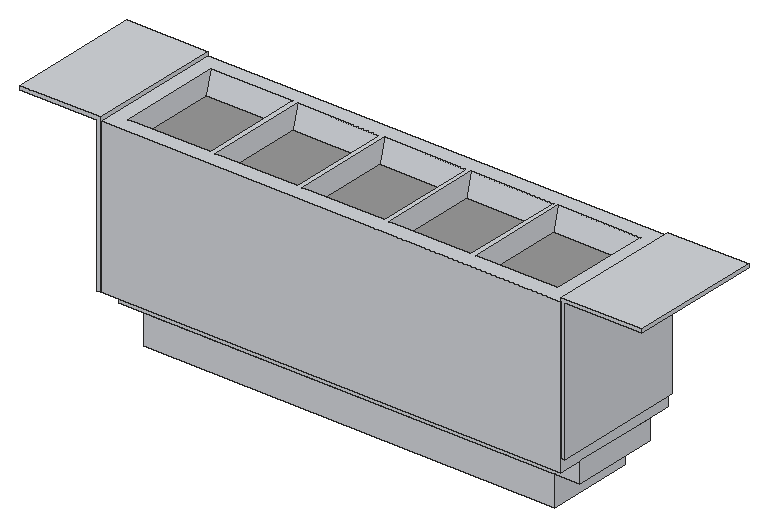
Revit family "2061148 Sylvania Lighting Fixture DOMINO 5xLED 930 BLACK MB TRIMLESS WHITE", category Lighting Fixtures, host Face, Revit 2018
Family settings
  Host = Face
  Round Connector Dimension = Use Diameter
  Part Type = Normal
  OmniClass Number = 23.80.70.00
  OmniClass Title = Lighting
  Cut with Voids When Loaded = No
  Light Source = Yes
  Shared = No
  Room Calculation Point = No
Parameters (values of type "2061148 DOMINO 5XLED 930 BLACK MB TS WHT ")
  top top width = 15.812 mm
  top top length = 123 mm
  Width = 50 mm
  Weight = "n/a"
  Wattage Comments = ""
  Wattage = 9.2903 W
  WarrantyStartDate [instance] = "n/a"
  WarrantyGuarantorParts = "n/a"
  WarrantyDurationUnit = "n/a"
  WarrantyDurationParts = ""
  WarrantyDescription = "http://www.sylvania-lighting.com"
  built-in parameter 1150110 = 1 (stored number, unit not read)
  Voltage = 0 V
  URL = "0.6"
  TypeName = "DOMINO 5xLED 930 BLACK MB TRIMLESS WHITE"
  Type Image = <None>
  Type Comments = "n/a"
  built-in parameter 1114217 = 1 (stored number, unit not read)
  Top Width = 26 mm
  Tilt Angle = 90.00°
  built-in parameter 1150109 = 1 (stored number, unit not read)
  built-in parameter 1150134 = 3
  built-in parameter 1150113 = 1 (stored number, unit not read)
  SerialNumber [instance] = "n/a"
  Recessed Width = 43 mm
  Recessed Length = 143 mm
  Photometric Web File = "2061148.ies"
  Material_3_FEILO = none
  PowerFactor = 0
  PowerConsumption = "Lighting"
  NominalLength = 41 mm
  NominalHeight = 0 mm
  NominalDepth = 0 mm
  Name = "DOMINO 5xLED 930 BLACK MB TRIMLESS WHITE"
  ModelReference = Name  # "DOMINO 5xLED 930 BLACK MB TRIMLESS WHITE"
  ModelNumber = "2061148"
  Model = Name  # "DOMINO 5xLED 930 BLACK MB TRIMLESS WHITE"
  Material = "Feilo Sylvania"
  ManufacturerName = "58 lm/W"
  Manufacturer = ""
  LuminousEfficacy = ""
  built-in parameter 1150105 = 109.82 (stored number, unit not read)
  Lumens = 1380 lm
  LuminaireType = "0"
  built-in parameter 1150115 = 1 (stored number, unit not read)
  LightOutputRatio = "LED"
  built-in parameter 1150137 = (empty or 0)
  built-in parameter 1150139 = (empty or 0)
  Lens inside recess = 25 mm
  Lens Width = 32 mm
  Lens Outside recess = 31.978 mm
  Lens = Glass, White, High Luminance
  Length = 148 mm
  LampsType = Lamp  # "n/a"
  LampNominalLuminous = "3000 K"
  LampMacAdamStep = "90"
  LampColourTemperature = "LED"
  LampColourRenderingIndex = "16500"
  built-in parameter 1150112 = 1 (stored number, unit not read)
  built-in parameter 1150114 = 1 (stored number, unit not read)
  Lamp = "n/a"
  Keynote = "n/a"
  InstallationDate [instance] = "n/a"
  InputVoltage = "0"
  InputNominalFrequency = "3000"
  built-in parameter 1150132 = (empty or 0)
  built-in parameter 1150102 = (empty or 0)
  built-in parameter 1150107 = 3200 (stored number, unit not read)
  built-in parameter 1150138 = (empty or 0)
  IngressProtection = "IfcLightFixtureType"
  ImpactProtectionIndex = "IfcLightFixtureType"
  built-in parameter 1150106 = 1.0982 (stored number, unit not read)
  IfcExportType = "IfcLightFixtureType"
  IfcExportAs = "Class II"
  Facia internal width = 37 mm
  Facia internal length = 135 mm
  Facia Height = 2 mm
  ExpectedLife = 50000
  Emit from Circle Diameter = 609.6 mm
  Emit Shape Visible in Rendering = no
  ElectricShockClassification = "58"
  built-in parameter 1150104 = 13.8 (stored number, unit not read)
  DurationUnit = "hours"
  DocumentationLiterature = "http://www.sylvania-lighting.com/product/en-int/products/2061148"
  DimmingControlOptions = "n/a"
  Material_2_FEILO = none
  Dimming Lamp Color Temperature Shift = <None>
  Description = "Modular LED recessed linear spotlight, ideal for retail and hospitality applications. Die-cast aluminium body, passive cooling. Two levels of reflector installation, low glaring UGR<16. 5x LED source, 30° beam angle , optics: PMMA lens and polycarbonate reflector combination, Black matt reflector finish. Light color temperature: 3000K warm white, total system power: 13W , total fixture lumen output: 750lm, efficacy: 58 lm/W, Ra90 typical, LED chromacity: 3 step MacAdam ellipse (SDCM3), lifespan: 96,000 hours at 90% of the original output (L90B10), IR/UV free light source without heat radiation, operating voltage: 220-240V / 50-60Hz, electronic driver, ultra low flicker, non-dimmable , electrical protection: Class II. Degree of Protection: IP40/IP20, suitable for indoor environment only. Ceiling cut-out: 42x42mm, outer dimensions:  144x41mm , trimless frame RAL 9016 - Traffic white / Bezel color.5 years Warranty."
  Default Elevation = 1219.2 mm
  CreatedOn = "11/02/2021"
  CreatedBy = "@sylvania-lighting.com"
  Cost = 0
  Color Filter = 16777215
  built-in parameter 1114216 [instance] = (empty or 0)
  ClassificationValue = "EF_70_80"
  ClassificationName = "Uniclass2015"
  Material_1_FEILO = none
  Body Width = 40 mm
  Body Length = 138 mm
  BarCode [instance] = "n/a"
  built-in parameter 1114218 = 1 (stored number, unit not read)
  built-in parameter 1150133 = 10 (stored number, unit not read)
  AssetType = "Fixed"
  AssetIdentifier [instance] = "n/a"
  Assembly Code = "D5020200"
  Apparent Load = 13 VA
  Material_4_FEILO = none
Reference planes
  plane 1 "Center (Front/Back)": y = 0
  plane 2: z = 0
  plane 3 "Center (Left/Right)": x = 0
  plane 4: z = 0
  plane 5: z = -7
  plane 6: z = -45.895
  plane 7: z = -51.895
  plane 8: z = -60.895
  plane 9: x = -71.5
  plane 10: x = 71.5
  plane 11: y = 21.5
  plane 12: y = -21.5
  plane 13: x = -74
  plane 14: x = 74
  plane 15: y = 25
  plane 16: y = -25
  plane 17: x = 67.5
  plane 18: x = -67.5
  plane 19: y = 18.5
  plane 20: y = -18.5
  plane 21: z = 2
  plane 22: x = -69
  plane 23: x = 69
  plane 24: y = 20
  plane 25: y = -20
  plane 26: y = 13
  plane 27: y = -13
  plane 28: x = 61.5
  plane 29: x = -61.5
  plane 30: x = -65.5
  plane 31: y = 16.5
  plane 32: y = -16.472
  plane 33: x = -40.5
  plane 34: x = -41
  plane 35: x = -65
  plane 36: y = 13
  plane 37: y = -12.972
  plane 38: x = -39.5
  plane 39: x = -14.48
  plane 40: x = -13.48
  plane 41: x = 11.52
  plane 42: x = 12.52
  plane 43: x = 37.52
  plane 44: x = 38.52
  plane 45: x = 64.5
  plane 46: x = -72.5
  plane 47: z = 1
  plane 48: x = -93
  plane 49: z = -42
  plane 50: x = -70
  plane 51: x = 93
  plane 52: x = 70
Forms (mm)
  Extrusion 1, solid, not visible, detail levels medium+fine
    sketch origin (4.2, 0, 0) x (1, 0, 0) y (0, 1, 0)
      loop
        line (-29.2, 34.5) -> (-29.2, -34.5) -> (20.8, -34.5) -> (20.8, 34.5) -> (-29.2, 34.5)
    from 0 to 1
  Extrusion 2, solid, not visible, detail levels medium+fine
    sketch origin (4.044, 0, 0) x (1, 0, 0) y (0, 1, 0)
      loop
        line (-29.2, 34.5) -> (-29.2, -34.5) -> (20.8, -34.5) -> (20.8, 34.5) -> (-29.2, 34.5)
    from 0 to 1
  Blend 3, solid, not visible, detail levels medium+fine
    base sketch origin (4.2, 0, 0) x (1, 0, 0) y (0, 1, 0)
      loop
        line (-29.2, 34.5) -> (-29.2, -34.5) -> (20.8, -34.5) -> (20.8, 34.5) -> (-29.2, 34.5)
    top sketch origin (4.2, 0, 0) x (1, 0, 0) y (0, 1, 0)
      loop
        line (-21.7, 28) -> (-21.7, -28) -> (13.3, -28) -> (13.3, 28) -> (-21.7, 28)
    from 1 to 3
  Extrusion 4, solid, not visible, detail levels medium+fine
    sketch origin (3.419, 0, 0) x (1, 0, 0) y (0, 1, 0)
      loop
        line (-29.2, 34.5) -> (-29.2, -34.5) -> (20.8, -34.5) -> (20.8, 34.5) -> (-29.2, 34.5)
    from 0 to 1
  Blend 5, solid, not visible, detail levels medium+fine
    base sketch origin (3.575, 0, 0) x (1, 0, 0) y (0, 1, 0)
      loop
        line (-29.2, 34.5) -> (-29.2, -34.5) -> (20.8, -34.5) -> (20.8, 34.5) -> (-29.2, 34.5)
    top sketch origin (3.575, 0, 0) x (1, 0, 0) y (0, 1, 0)
      loop
        line (-21.7, 28) -> (-21.7, -28) -> (13.3, -28) -> (13.3, 28) -> (-21.7, 28)
    from 1 to 3
  Extrusion 6, solid, not visible, detail levels medium+fine
    sketch origin (4.247, 0, 0) x (1, 0, 0) y (0, 1, 0)
      loop
        line (-29.2, 34.5) -> (-29.2, -34.5) -> (20.8, -34.5) -> (20.8, 34.5) -> (-29.2, 34.5)
    from 0 to 1
  Blend 7, solid, not visible, detail levels medium+fine
    base sketch origin (4.403, 0, 0) x (1, 0, 0) y (0, 1, 0)
      loop
        line (-29.2, 34.5) -> (-29.2, -34.5) -> (20.8, -34.5) -> (20.8, 34.5) -> (-29.2, 34.5)
    top sketch origin (4.403, 0, 0) x (1, 0, 0) y (0, 1, 0)
      loop
        line (-21.7, 28) -> (-21.7, -28) -> (13.3, -28) -> (13.3, 28) -> (-21.7, 28)
    from 1 to 3
  Extrusion 8, void, detail levels medium+fine
    sketch origin (4.2, 0, 0) x (0, 1, 0) y (1, 0, 0)
      loop
        line (21.5, -75.7) -> (21.5, 67.3) -> (-21.5, 67.3) -> (-21.5, -75.7) -> (21.5, -75.7)
    from -9.934 to 83.097
  Extrusion 9, solid, detail levels medium+fine
    sketch origin (4.2, 0, 0) x (1, 0, 0) y (0, 1, 0)
      loop
        line (-73.2, 20) -> (-73.2, -20) -> (64.8, -20) -> (64.8, 20) -> (-73.2, 20)
    from 0 to -45.895
  Extrusion 10, solid, detail levels medium+fine
    sketch origin (4.2, 0, 0) x (1, 0, 0) y (0, 1, 0)
      loop
        line (-73.2, 13) -> (-73.2, -13) -> (64.8, -13) -> (64.8, 13) -> (-73.2, 13)
    from -51.895 to -45.895
  Extrusion 11, solid, material "Glass, White, High Luminance" <- "Lens", detail levels fine
    sketch origin (11.874, 1219.733, 36.156) x (1, 0, 0) y (0, 1, 0)
      loop
        line (-75.883, -1206.7) -> (-75.883, -1232.733) -> (-51.887, -1232.733) -> (-51.887, -1206.7) -> (-75.883, -1206.7)
    from -43.156 to -42.182
  Extrusion 12, solid, detail levels fine
    sketch origin (0, 0, 0) x (1, 0, 0) y (0, 0, 1)
      loop
        line (-61.5, -51.895) -> (-61.5, -60.895) -> (61.5, -60.895) -> (61.5, -51.895) -> (-61.5, -51.895)
    from -13 to 13
  Blend 13, void
    base sketch origin (5.187, 0, 0) x (0, 1, 0) y (-1, 0, 0)
      loop
        line (16.5, 69.7) -> (-16.472, 69.7) -> (-16.472, 44.7) -> (16.5, 44.7) -> (16.5, 69.7)
    top sketch origin (5.187, 0, 0) x (0, 1, 0) y (-1, 0, 0)
      loop
        line (13, 69.2) -> (-12.972, 69.2) -> (-12.972, 45.2) -> (13, 45.2) -> (13, 69.2)
    from 3 to -7
  Blend 14, void
    base sketch origin (31.202, 0, 0) x (0, 1, 0) y (-1, 0, 0)
      loop
        line (16.5, 69.7) -> (-16.472, 69.7) -> (-16.472, 44.7) -> (16.5, 44.7) -> (16.5, 69.7)
    top sketch origin (31.202, 0, 0) x (0, 1, 0) y (-1, 0, 0)
      loop
        line (13, 69.2) -> (-12.972, 69.2) -> (-12.972, 45.2) -> (13, 45.2) -> (13, 69.2)
    from 3 to -7
  Blend 15, void
    base sketch origin (57.213, -0.017, 0) x (0, 1, 0) y (-1, 0, 0)
      loop
        line (16.5, 69.7) -> (-16.472, 69.7) -> (-16.472, 44.7) -> (16.5, 44.7) -> (16.5, 69.7)
    top sketch origin (57.213, -0.017, 0) x (0, 1, 0) y (-1, 0, 0)
      loop
        line (13, 69.2) -> (-12.972, 69.2) -> (-12.972, 45.2) -> (13, 45.2) -> (13, 69.2)
    from 3 to -7
  Blend 16, void
    base sketch origin (83.222, 0, 0) x (0, 1, 0) y (-1, 0, 0)
      loop
        line (16.5, 69.7) -> (-16.472, 69.7) -> (-16.472, 44.7) -> (16.5, 44.7) -> (16.5, 69.7)
    top sketch origin (83.222, 0, 0) x (0, 1, 0) y (-1, 0, 0)
      loop
        line (13, 69.2) -> (-12.972, 69.2) -> (-12.972, 45.2) -> (13, 45.2) -> (13, 69.2)
    from 3 to -7
  Blend 17, void
    base sketch origin (109.202, 0, 0) x (0, 1, 0) y (-1, 0, 0)
      loop
        line (16.5, 69.7) -> (-16.472, 69.7) -> (-16.472, 44.7) -> (16.5, 44.7) -> (16.5, 69.7)
    top sketch origin (109.202, 0, 0) x (0, 1, 0) y (-1, 0, 0)
      loop
        line (13, 69.2) -> (-12.972, 69.2) -> (-12.972, 45.2) -> (13, 45.2) -> (13, 69.2)
    from 3 to -7
  Extrusion 18, solid, material "Glass, White, High Luminance" <- "Lens", detail levels fine
    sketch origin (37.889, 1219.733, 36.156) x (1, 0, 0) y (0, 1, 0)
      loop
        line (-75.883, -1206.7) -> (-75.883, -1232.733) -> (-51.887, -1232.733) -> (-51.887, -1206.7) -> (-75.883, -1206.7)
    from -43.156 to -42.182
  Extrusion 19, solid, material "Glass, White, High Luminance" <- "Lens", detail levels fine
    sketch origin (63.896, 1219.733, 36.156) x (1, 0, 0) y (0, 1, 0)
      loop
        line (-75.883, -1206.7) -> (-75.883, -1232.733) -> (-51.887, -1232.733) -> (-51.887, -1206.7) -> (-75.883, -1206.7)
    from -43.156 to -42.182
  Extrusion 20, solid, material "Glass, White, High Luminance" <- "Lens", detail levels fine
    sketch origin (89.905, 1219.733, 36.156) x (1, 0, 0) y (0, 1, 0)
      loop
        line (-75.883, -1206.7) -> (-75.883, -1232.733) -> (-51.887, -1232.733) -> (-51.887, -1206.7) -> (-75.883, -1206.7)
    from -43.156 to -42.182
  Extrusion 21, solid, material "Glass, White, High Luminance" <- "Lens", detail levels fine
    sketch origin (115.886, 1219.733, 36.156) x (1, 0, 0) y (0, 1, 0)
      loop
        line (-75.883, -1206.7) -> (-75.883, -1232.733) -> (-51.887, -1232.733) -> (-51.887, -1206.7) -> (-75.883, -1206.7)
    from -43.156 to -42.182
  Extrusion 22, solid, detail levels coarse
    sketch origin (4.2, 0, 0) x (1, 0, 0) y (0, 1, 0)
      loop
        line (-97.2, 20) -> (-97.2, -20) -> (88.8, -20) -> (88.8, 20) -> (-97.2, 20)
    from 3 to -60.895
  Extrusion 23, solid, detail levels medium+fine
    sketch origin (0, 0, 0) x (1, 0, 0) y (0, 0, 1)
      loop
        line (-69, -45.895) -> (-69, 1) -> (-93, 1) -> (-93, 0) -> (-70, 0) -> (-70, -45.895) -> (-69, -45.895)
    from -20 to 20
  Extrusion 24, solid, detail levels medium+fine
    sketch origin (0, 0, 0) x (1, 0, 0) y (0, 0, 1)
      loop
        line (93, 1) -> (69, 1) -> (69, -42) -> (70, -42) -> (70, 0) -> (93, 0) -> (93, 1)
    from -20 to 20
Cuts and joins
  Blend 13, Blend 14, Blend 15, Blend 16, Blend 17 cuts Extrusion 9
Dimensions and locks
  "Recessed Length": plane 9 to plane 10
  equal spacing: plane 9, plane 3 "Center (Left/Right)", plane 10
  "Length": plane 13 to plane 14
  equal spacing: plane 13, plane 3 "Center (Left/Right)", plane 14
  "Recessed Width": plane 11 to plane 12
  equal spacing: plane 11, plane 1 "Center (Front/Back)", plane 12
  "Width": plane 15 to plane 16
  equal spacing: plane 15, plane 1 "Center (Front/Back)", plane 16
  "Facia internal length": plane 18 to plane 17
  equal spacing: plane 18, plane 3 "Center (Left/Right)", plane 17
  "Facia internal width": plane 19 to plane 20
  equal spacing: plane 19, plane 1 "Center (Front/Back)", plane 20
  "Facia Height": plane 21 to host face
  "Body Length": plane 22 to plane 23
  equal spacing: plane 22, plane 3 "Center (Left/Right)", plane 23
  "Body Width": plane 24 to plane 25
  equal spacing: plane 24, plane 1 "Center (Front/Back)", plane 25
  "Top Width": plane 26 to plane 27
  equal spacing: plane 26, plane 1 "Center (Front/Back)", plane 27
  "top top length": plane 29 to plane 28
  equal spacing: plane 29, plane 3 "Center (Left/Right)", plane 28  (x2)
  plane 28 to plane 29 = 123 mm
  equal spacing: plane 28, plane 3 "Center (Left/Right)", plane 29
  aligned and locked: plane 2 to host face
  aligned and locked: level to host face
  aligned and locked: Extrusion 10 to plane 7
  aligned and locked: Extrusion 9 to plane 6
  aligned and locked: Extrusion 11 to plane 5
Automatic sketch dimensions
  Extrusion 1 sketch curve to Extrusion 1 sketch curve = 50 mm
  Extrusion 1 sketch curve to Extrusion 1 sketch curve = 69 mm
  Extrusion 2 sketch curve to Extrusion 2 sketch curve = 50 mm
  Extrusion 2 sketch curve to Extrusion 2 sketch curve = 69 mm
  Blend 3 sketch curve to Blend 3 sketch curve = 50 mm
  Blend 3 sketch curve to Blend 3 sketch curve = 69 mm
  Blend 3 sketch curve to Blend 3 sketch curve = 35 mm
  Blend 3 sketch curve to Blend 3 sketch curve = 56 mm
  Extrusion 4 sketch curve to Extrusion 4 sketch curve = 50 mm
  Extrusion 4 sketch curve to Extrusion 4 sketch curve = 69 mm
  Blend 5 sketch curve to Blend 5 sketch curve = 50 mm
  Blend 5 sketch curve to Blend 5 sketch curve = 69 mm
  Blend 5 sketch curve to Blend 5 sketch curve = 35 mm
  Blend 5 sketch curve to Blend 5 sketch curve = 56 mm
  Extrusion 6 sketch curve to Extrusion 6 sketch curve = 50 mm
  Extrusion 6 sketch curve to Extrusion 6 sketch curve = 69 mm
  Blend 7 sketch curve to Blend 7 sketch curve = 50 mm
  Blend 7 sketch curve to Blend 7 sketch curve = 69 mm
  Blend 7 sketch curve to Blend 7 sketch curve = 35 mm
  Blend 7 sketch curve to Blend 7 sketch curve = 56 mm
  host sketch curve to host sketch curve = 2438.4 mm  (x2)
  Extrusion 8 sketch curve to plane 9 = 0 mm
  Extrusion 8 sketch curve to plane 12 = 0 mm
  Extrusion 8 sketch curve to plane 11 = 0 mm
  Extrusion 8 sketch curve to plane 10 = 0 mm
  Extrusion 9 sketch curve to plane 22 = 0 mm
  Extrusion 9 sketch curve to plane 23 = 0 mm
  Extrusion 9 sketch curve to plane 25 = 0 mm
  Extrusion 9 sketch curve to plane 24 = 0 mm
  Extrusion 10 sketch curve to plane 22 = 0 mm
  Extrusion 10 sketch curve to plane 23 = 0 mm
  Extrusion 10 sketch curve to plane 27 = 0 mm
  Extrusion 10 sketch curve to plane 26 = 0 mm
  Extrusion 11 sketch curve to plane 27 = 0 mm
  plane 35 to Extrusion 11 sketch curve = 0.991 mm
  plane 26 to Extrusion 11 sketch curve = 0.033 mm
  plane 33 to Extrusion 11 sketch curve = 0.487 mm
  Extrusion 12 sketch curve to plane 8 = 0 mm
  Extrusion 12 sketch curve to plane 29 = 0 mm
  Extrusion 12 sketch curve to plane 28 = 0 mm
  Extrusion 12 sketch curve to plane 7 = 0 mm
  Blend 13 sketch curve to plane 32 = 0 mm
  Blend 13 sketch curve to plane 31 = 0 mm
  Blend 13 sketch curve to plane 38 = 0.013 mm
  plane 35 to Blend 13 sketch curve = 0.487 mm
  Blend 13 sketch curve to plane 37 = 0 mm
  Blend 13 sketch curve to plane 26 = 0 mm
  plane 33 to Blend 13 sketch curve = 0.487 mm
  plane 35 to Blend 13 sketch curve = 0.987 mm
  Blend 14 sketch curve to plane 32 = 0 mm
  Blend 14 sketch curve to plane 31 = 0 mm
  Blend 14 sketch curve to plane 40 = 0.018 mm
  plane 38 to Blend 14 sketch curve = 1.002 mm
  Blend 14 sketch curve to plane 37 = 0 mm
  Blend 14 sketch curve to plane 26 = 0 mm
  plane 39 to Blend 14 sketch curve = 0.482 mm
  plane 38 to Blend 14 sketch curve = 1.502 mm
  Blend 15 sketch curve to plane 32 = 0.017 mm
  Blend 15 sketch curve to plane 31 = 0.017 mm
  Blend 15 sketch curve to plane 42 = 0.007 mm
  plane 40 to Blend 15 sketch curve = 0.993 mm
  plane 27 to Blend 15 sketch curve = 0.011 mm
  Blend 15 sketch curve to plane 26 = 0.017 mm
  plane 41 to Blend 15 sketch curve = 0.493 mm
  plane 40 to Blend 15 sketch curve = 1.493 mm
  plane 32 to Blend 16 sketch curve = 0 mm
  plane 31 to Blend 16 sketch curve = 0 mm
  plane 44 to Blend 16 sketch curve = 0.002 mm
  plane 42 to Blend 16 sketch curve = 1.002 mm
  plane 37 to Blend 16 sketch curve = 0 mm
  plane 26 to Blend 16 sketch curve = 0 mm
  Blend 16 sketch curve to plane 44 = 0.498 mm
  plane 42 to Blend 16 sketch curve = 1.502 mm
  Blend 17 sketch curve to plane 32 = 0 mm
  Blend 17 sketch curve to plane 31 = 0 mm
  plane 45 to Blend 17 sketch curve = 0.002 mm
  plane 44 to Blend 17 sketch curve = 0.982 mm
  Blend 17 sketch curve to plane 37 = 0 mm
  Blend 17 sketch curve to plane 26 = 0 mm
  Blend 17 sketch curve to plane 45 = 0.498 mm
  plane 44 to Blend 17 sketch curve = 1.482 mm
  Extrusion 18 sketch curve to plane 27 = 0 mm
  plane 38 to Extrusion 18 sketch curve = 1.506 mm
  plane 26 to Extrusion 18 sketch curve = 0.033 mm
  plane 39 to Extrusion 18 sketch curve = 0.482 mm
  Extrusion 19 sketch curve to plane 27 = 0 mm
  plane 40 to Extrusion 19 sketch curve = 1.493 mm
  plane 26 to Extrusion 19 sketch curve = 0.033 mm
  plane 41 to Extrusion 19 sketch curve = 0.49 mm
  Extrusion 20 sketch curve to plane 27 = 0 mm
  plane 42 to Extrusion 20 sketch curve = 1.502 mm
  plane 26 to Extrusion 20 sketch curve = 0.033 mm
  plane 43 to Extrusion 20 sketch curve = 0.498 mm
  Extrusion 21 sketch curve to plane 27 = 0 mm
  plane 44 to Extrusion 21 sketch curve = 1.482 mm
  plane 26 to Extrusion 21 sketch curve = 0.033 mm
  Extrusion 21 sketch curve to plane 45 = 0.501 mm
  Extrusion 22 sketch curve to plane 13 = 19 mm
  plane 14 to Extrusion 22 sketch curve = 19 mm
  plane 16 to Extrusion 22 sketch curve = 5 mm
  Extrusion 22 sketch curve to plane 15 = 5 mm
  Extrusion 23 sketch curve to level = 0 mm
  Extrusion 23 sketch curve to plane 48 = 0 mm
  Extrusion 23 sketch curve to plane 50 = 0 mm
  Extrusion 23 sketch curve to plane 6 = 0 mm
  Extrusion 23 sketch curve to plane 22 = 0 mm
  Extrusion 23 sketch curve to plane 47 = 0 mm
  Extrusion 24 sketch curve to plane 23 = 0 mm
  Extrusion 24 sketch curve to plane 49 = 0 mm
  Extrusion 24 sketch curve to plane 52 = 0 mm
  Extrusion 24 sketch curve to plane 47 = 0 mm
  Extrusion 24 sketch curve to plane 51 = 0 mm
  Extrusion 24 sketch curve to level = 0 mm
Connectors
  electrical at (0, 0, -60.895)
    settings: on Extrusion 12, index 1, voltage 0 V, apparent load 0 VA, apparent load phase1 0 VA, apparent load phase2 0 VA, apparent load phase3 0 VA, power factor 1, load classification "Other", number of poles 1, system type 31, power factor state 1, is connector primary yes, connector utility no, sub classification motor no, connector description ""
